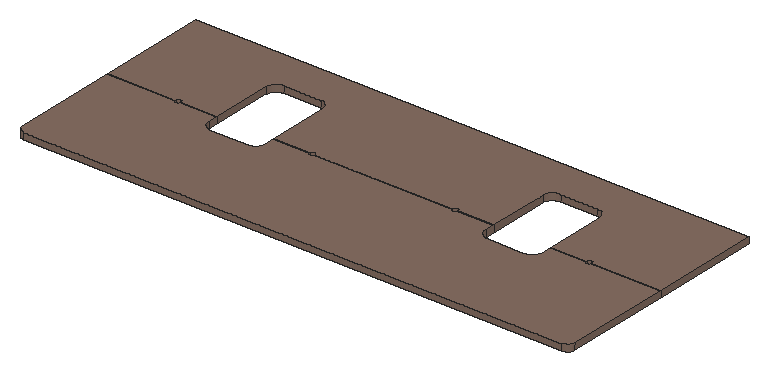
Revit family "console with 2 cutouts for bowl with tap hole", category Furniture, Revit 2019 (continued)
Definition of nested family "console 1560_550 with 2 cutouts for bowl with tap hole-54126230-natural_oak-200_content"
  Parameters (values of type "Console 1560_550 with 2 cutouts for bowl with tap hole-54126230-NATURAL_OAK-200_Content")
    BIMOBJECT = "Sanitary: Compound units"
    BASENUMBER = "Console 1560/550 with 2 cutouts for bowl with tap hole"
    ARTNR = "54126230"
  Reference planes
    plane 1 "Center (Front/Back)": y = 0
    plane 2: z = 0
    plane 3 "Center (Left/Right)": x = 0
  Forms (mm)
    Extrusion 1, solid, visible <- "ContentVisible", detail levels medium+fine
      sketch origin (0, 0, 0.5) x (1, 0, 0) y (0, 1, 0)
        loop
          line (-780, 0) -> (-780, -550) -> (780, -550) -> (780, 0) -> (-780, 0)
      from 0 to 15
    Extrusion 2, solid, visible <- "ContentVisible", detail levels medium+fine
      sketch origin (0, 0, 0) x (1, 0, 0) y (0, 1, 0)
        loop
          line (320, -120.5) -> (320, -295.5)
          arc (320, -295.5) -> (327.322, -313.178) -> (345, -320.5) r 25
          line (345, -320.5) -> (435, -320.5)
          arc (435, -320.5) -> (452.678, -313.178) -> (460, -295.5) r 25
          line (460, -295.5) -> (460, -120.5)
          arc (460, -120.5) -> (452.678, -102.822) -> (435, -95.5) r 25
          line (435, -95.5) -> (345, -95.5)
          arc (345, -95.5) -> (327.322, -102.822) -> (320, -120.5) r 25
      from 0 to 16
    Extrusion 3, solid, visible <- "ContentVisible", detail levels medium+fine
      sketch origin (0, 0, 0) x (1, 0, 0) y (0, 1, 0)
        loop
          line (-460, -120.5) -> (-460, -295.5)
          arc (-460, -295.5) -> (-452.678, -313.178) -> (-435, -320.5) r 25
          line (-435, -320.5) -> (-345, -320.5)
          arc (-345, -320.5) -> (-327.322, -313.178) -> (-320, -295.5) r 25
          line (-320, -295.5) -> (-320, -120.5)
          arc (-320, -120.5) -> (-327.322, -102.822) -> (-345, -95.5) r 25
          line (-345, -95.5) -> (-435, -95.5)
          arc (-435, -95.5) -> (-452.678, -102.822) -> (-460, -120.5) r 25
      from 0 to 16
    Extrusion 4, solid, visible <- "ContentVisible", detail levels coarse
      sketch origin (0, -275, 0) x (1, 0, 0) y (0, 1, 0)
        loop
          line (-780, -275) -> (780, -275) -> (780, 275) -> (-780, 275) -> (-780, -275)
      from 0 to 16
  Dimensions and locks
    aligned and locked: level to plane 2
Definition of nested family "console 1560_550 with 2 cutouts for bowl with tap hole-54126230-natural_oak-400_content"
  Parameters (values of type "Console 1560_550 with 2 cutouts for bowl with tap hole-54126230-NATURAL_OAK-400_Content")
    WEIGHT = "13.3"
    UNSPSC = "56 | Furniture and Furnishings"
    UNIFORMATII = "E2010 | Fixed Furnishings"
    UNICLASS2015 = "Pr_40_20_76_94 | Vanity units"
    SURFACE = "NATURAL_OAK"
    SPECIFICATION = "Surfaces:    - 54126050 High Gloss White  - 54126910 Diamond Matt Grey  - 54126230 Natural Oak  - 54126630 Dark Walnut      Specification:"
    REGIONSET = "Worldwide"
    PRODUCTURL = "https://pro.hansgrohe.com/articledetail--54126050"
    PRODUCTGROUP = "console"
    PRODUCTFAMILY = "Xelu Q"
    PERMALINK = "54126XXX"
    OMNICLASS = "23-19 31 17 11 | Bathroom Units"
    OBJECTTYPE = "Object (single object)"
    NN = "Console with 2 cutouts for bowl with tap hole"
    NBSYN = "$BASENUMBER.-$ARTNR.-$SURFACE.-$LODLEVEL."
    NB = "Console 1560/550 with 2 cutouts for bowl with tap hole-54126230-NATURAL_OAK-400"
    NAME = "Xelu Q Console 1560/550 with 2 cutouts for bowl with tap hole"
    Model = "Console 1560/550 with 2 cutouts for bowl with tap hole-54126230-NATURAL_OAK-400"
    Manufacturer = "Hansgrohe"
    MASTERFORMAT = "12 35 30.23 | Bathroom Casework"
    LODLEVEL = "400"
    LL = 320
    LINA = "Console 1560/550 with 2 cutouts for bowl with tap hole-54126230-NATURAL_OAK-400"
    L1 = 140
    L = 1560
    IFC = "Furnishing element"
    GTINCODE = "4059625458211"
    ETIM = "EC011381 | Bathroom furniture set"
    Default Elevation = 1219.2 mm
    DESIGN = "Germany"
    ContentVisible [instance] = yes
    CATALOG = "Hansgrohe"
    BIMOBJECT = "Sanitary: Compound units"
    BASENUMBER = "Console 1560/550 with 2 cutouts for bowl with tap hole"
    ARTNR = "54126230"
  Reference planes
    plane 1 "Center (Front/Back)": y = 0
    plane 2: z = 0
    plane 3 "Center (Left/Right)": x = 0
  Forms (mm)
    Extrusion 1, solid, visible <- "ContentVisible", detail levels medium+fine
      sketch origin (0, 0, 0) x (1, 0, 0) y (0, 1, 0)
        loop
          line (-780, 0) -> (-780, -270.5) -> (-512, -270.5)
          arc (-512, -270.5) -> (-505, -263.5) -> (-498, -270.5) r 7
          line (-498, -270.5) -> (-460, -270.5) -> (-460, -120.5)
          arc (-460, -120.5) -> (-452.678, -102.822) -> (-435, -95.5) r 25
          line (-435, -95.5) -> (-345, -95.5)
          arc (-345, -95.5) -> (-327.322, -102.822) -> (-320, -120.5) r 25
          line (-320, -120.5) -> (-320, -270.5) -> (-182, -270.5)
          arc (-182, -270.5) -> (-175, -263.5) -> (-168, -270.5) r 7
          line (-168, -270.5) -> (168, -270.5)
          arc (168, -270.5) -> (175, -263.5) -> (182, -270.5) r 7
          line (182, -270.5) -> (320, -270.5) -> (320, -120.5)
          arc (320, -120.5) -> (327.322, -102.822) -> (345, -95.5) r 25
          line (345, -95.5) -> (435, -95.5)
          arc (435, -95.5) -> (452.678, -102.822) -> (460, -120.5) r 25
          line (460, -120.5) -> (460, -270.5) -> (498, -270.5)
          arc (498, -270.5) -> (505, -263.5) -> (512, -270.5) r 7
          line (512, -270.5) -> (780, -270.5) -> (780, 0) -> (-780, 0)
      from 0 to 16
    Extrusion 2, solid, visible <- "ContentVisible", detail levels medium+fine
      sketch origin (0, 0, 0) x (1, 0, 0) y (0, 1, 0)
        loop
          line (-780, -270.5) -> (-780, -532)
          arc (-780, -532) -> (-774.728, -544.728) -> (-762, -550) r 18
          line (-762, -550) -> (762, -550)
          arc (762, -550) -> (774.728, -544.728) -> (780, -532) r 18
          line (780, -532) -> (780, -270.5) -> (512, -270.5)
          arc (512, -270.5) -> (505, -277.5) -> (498, -270.5) r 7
          line (498, -270.5) -> (460, -270.5) -> (460, -295.5)
          arc (460, -295.5) -> (452.678, -313.178) -> (435, -320.5) r 25
          line (435, -320.5) -> (345, -320.5)
          arc (345, -320.5) -> (327.322, -313.178) -> (320, -295.5) r 25
          line (320, -295.5) -> (320, -270.5) -> (182, -270.5)
          arc (182, -270.5) -> (175, -277.5) -> (168, -270.5) r 7
          line (168, -270.5) -> (-168, -270.5)
          arc (-168, -270.5) -> (-175, -277.5) -> (-182, -270.5) r 7
          line (-182, -270.5) -> (-320, -270.5) -> (-320, -295.5)
          arc (-320, -295.5) -> (-327.322, -313.178) -> (-345, -320.5) r 25
          line (-345, -320.5) -> (-435, -320.5)
          arc (-435, -320.5) -> (-452.678, -313.178) -> (-460, -295.5) r 25
          line (-460, -295.5) -> (-460, -270.5) -> (-498, -270.5)
          arc (-498, -270.5) -> (-505, -277.5) -> (-512, -270.5) r 7
          line (-512, -270.5) -> (-780, -270.5)
      from 0 to 16
    Extrusion 3, solid, visible <- "ContentVisible", detail levels coarse
      sketch origin (0, -275, 0) x (1, 0, 0) y (0, 1, 0)
        loop
          line (-780, -275) -> (780, -275) -> (780, 275) -> (-780, 275) -> (-780, -275)
      from 0 to 16
  Dimensions and locks
    aligned and locked: level to plane 2
Definition of nested family "console 1560_550 with 2 cutouts for bowl with tap hole-54126630-dark_walnut-200_content"
  Parameters (values of type "Console 1560_550 with 2 cutouts for bowl with tap hole-54126630-DARK_WALNUT-200_Content")
    WEIGHT = "13.3"
    UNSPSC = "56 | Furniture and Furnishings"
    UNIFORMATII = "E2010 | Fixed Furnishings"
    UNICLASS2015 = "Pr_40_20_76_94 | Vanity units"
    SURFACE = "DARK_WALNUT"
    SPECIFICATION = "Surfaces:    - 54126050 High Gloss White  - 54126910 Diamond Matt Grey  - 54126230 Natural Oak  - 54126630 Dark Walnut      Specification:"
    REGIONSET = "Worldwide"
    PRODUCTURL = "https://pro.hansgrohe.com/articledetail--54126050"
    PRODUCTGROUP = "console"
    PRODUCTFAMILY = "Xelu Q"
    PERMALINK = "54126XXX"
    OMNICLASS = "23-19 31 17 11 | Bathroom Units"
    OBJECTTYPE = "Object (single object)"
    NN = "Console with 2 cutouts for bowl with tap hole"
    NBSYN = "$BASENUMBER.-$ARTNR.-$SURFACE.-$LODLEVEL."
    NB = "Console 1560/550 with 2 cutouts for bowl with tap hole-54126630-DARK_WALNUT-200"
    NAME = "Xelu Q Console 1560/550 with 2 cutouts for bowl with tap hole"
    Model = "Console 1560/550 with 2 cutouts for bowl with tap hole-54126630-DARK_WALNUT-200"
    Manufacturer = "Hansgrohe"
    MASTERFORMAT = "12 35 30.23 | Bathroom Casework"
    LODLEVEL = "200"
    LL = 320
    LINA = "Console 1560/550 with 2 cutouts for bowl with tap hole-54126630-DARK_WALNUT-200"
    L1 = 140
    L = 1560
    IFC = "Furnishing element"
    GTINCODE = "4059625458211"
    ETIM = "EC011381 | Bathroom furniture set"
    Default Elevation = 1219.2 mm
    DESIGN = "Germany"
    ContentVisible [instance] = yes
    CATALOG = "Hansgrohe"
    BIMOBJECT = "Sanitary: Compound units"
    BASENUMBER = "Console 1560/550 with 2 cutouts for bowl with tap hole"
    ARTNR = "54126630"
  Reference planes
    plane 1 "Center (Front/Back)": y = 0
    plane 2: z = 0
    plane 3 "Center (Left/Right)": x = 0
  Forms (mm)
    Extrusion 1, solid, visible <- "ContentVisible", detail levels medium+fine
      sketch origin (0, 0, 0.5) x (1, 0, 0) y (0, 1, 0)
        loop
          line (-780, 0) -> (-780, -550) -> (780, -550) -> (780, 0) -> (-780, 0)
      from 0 to 15
    Extrusion 2, solid, visible <- "ContentVisible", detail levels medium+fine
      sketch origin (0, 0, 0) x (1, 0, 0) y (0, 1, 0)
        loop
          line (320, -120.5) -> (320, -295.5)
          arc (320, -295.5) -> (327.322, -313.178) -> (345, -320.5) r 25
          line (345, -320.5) -> (435, -320.5)
          arc (435, -320.5) -> (452.678, -313.178) -> (460, -295.5) r 25
          line (460, -295.5) -> (460, -120.5)
          arc (460, -120.5) -> (452.678, -102.822) -> (435, -95.5) r 25
          line (435, -95.5) -> (345, -95.5)
          arc (345, -95.5) -> (327.322, -102.822) -> (320, -120.5) r 25
      from 0 to 16
    Extrusion 3, solid, visible <- "ContentVisible", detail levels medium+fine
      sketch origin (0, 0, 0) x (1, 0, 0) y (0, 1, 0)
        loop
          line (-460, -120.5) -> (-460, -295.5)
          arc (-460, -295.5) -> (-452.678, -313.178) -> (-435, -320.5) r 25
          line (-435, -320.5) -> (-345, -320.5)
          arc (-345, -320.5) -> (-327.322, -313.178) -> (-320, -295.5) r 25
          line (-320, -295.5) -> (-320, -120.5)
          arc (-320, -120.5) -> (-327.322, -102.822) -> (-345, -95.5) r 25
          line (-345, -95.5) -> (-435, -95.5)
          arc (-435, -95.5) -> (-452.678, -102.822) -> (-460, -120.5) r 25
      from 0 to 16
    Extrusion 4, solid, visible <- "ContentVisible", detail levels coarse
      sketch origin (0, -275, 0) x (1, 0, 0) y (0, 1, 0)
        loop
          line (-780, -275) -> (780, -275) -> (780, 275) -> (-780, 275) -> (-780, -275)
      from 0 to 16
  Dimensions and locks
    aligned and locked: level to plane 2
Definition of nested family "console 1560_550 with 2 cutouts for bowl with tap hole-54126630-dark_walnut-400_content"
  Parameters (values of type "Console 1560_550 with 2 cutouts for bowl with tap hole-54126630-DARK_WALNUT-400_Content")
    WEIGHT = "13.3"
    UNSPSC = "56 | Furniture and Furnishings"
    UNIFORMATII = "E2010 | Fixed Furnishings"
    UNICLASS2015 = "Pr_40_20_76_94 | Vanity units"
    SURFACE = "DARK_WALNUT"
    SPECIFICATION = "Surfaces:    - 54126050 High Gloss White  - 54126910 Diamond Matt Grey  - 54126230 Natural Oak  - 54126630 Dark Walnut      Specification:"
    REGIONSET = "Worldwide"
    PRODUCTURL = "https://pro.hansgrohe.com/articledetail--54126050"
    PRODUCTGROUP = "console"
    PRODUCTFAMILY = "Xelu Q"
    PERMALINK = "54126XXX"
    OMNICLASS = "23-19 31 17 11 | Bathroom Units"
    OBJECTTYPE = "Object (single object)"
    NN = "Console with 2 cutouts for bowl with tap hole"
    NBSYN = "$BASENUMBER.-$ARTNR.-$SURFACE.-$LODLEVEL."
    NB = "Console 1560/550 with 2 cutouts for bowl with tap hole-54126630-DARK_WALNUT-400"
    NAME = "Xelu Q Console 1560/550 with 2 cutouts for bowl with tap hole"
    Model = "Console 1560/550 with 2 cutouts for bowl with tap hole-54126630-DARK_WALNUT-400"
    Manufacturer = "Hansgrohe"
    MASTERFORMAT = "12 35 30.23 | Bathroom Casework"
    LODLEVEL = "400"
    LL = 320
    LINA = "Console 1560/550 with 2 cutouts for bowl with tap hole-54126630-DARK_WALNUT-400"
    L1 = 140
    L = 1560
    IFC = "Furnishing element"
    GTINCODE = "4059625458211"
    ETIM = "EC011381 | Bathroom furniture set"
    Default Elevation = 1219.2 mm
    DESIGN = "Germany"
    ContentVisible [instance] = yes
    CATALOG = "Hansgrohe"
    BIMOBJECT = "Sanitary: Compound units"
    BASENUMBER = "Console 1560/550 with 2 cutouts for bowl with tap hole"
    ARTNR = "54126630"
  Reference planes
    plane 1 "Center (Front/Back)": y = 0
    plane 2: z = 0
    plane 3 "Center (Left/Right)": x = 0
  Forms (mm)
    Extrusion 1, solid, visible <- "ContentVisible", detail levels medium+fine
      sketch origin (0, 0, 0) x (1, 0, 0) y (0, 1, 0)
        loop
          line (-780, 0) -> (-780, -270.5) -> (-512, -270.5)
          arc (-512, -270.5) -> (-505, -263.5) -> (-498, -270.5) r 7
          line (-498, -270.5) -> (-460, -270.5) -> (-460, -120.5)
          arc (-460, -120.5) -> (-452.678, -102.822) -> (-435, -95.5) r 25
          line (-435, -95.5) -> (-345, -95.5)
          arc (-345, -95.5) -> (-327.322, -102.822) -> (-320, -120.5) r 25
          line (-320, -120.5) -> (-320, -270.5) -> (-182, -270.5)
          arc (-182, -270.5) -> (-175, -263.5) -> (-168, -270.5) r 7
          line (-168, -270.5) -> (168, -270.5)
          arc (168, -270.5) -> (175, -263.5) -> (182, -270.5) r 7
          line (182, -270.5) -> (320, -270.5) -> (320, -120.5)
          arc (320, -120.5) -> (327.322, -102.822) -> (345, -95.5) r 25
          line (345, -95.5) -> (435, -95.5)
          arc (435, -95.5) -> (452.678, -102.822) -> (460, -120.5) r 25
          line (460, -120.5) -> (460, -270.5) -> (498, -270.5)
          arc (498, -270.5) -> (505, -263.5) -> (512, -270.5) r 7
          line (512, -270.5) -> (780, -270.5) -> (780, 0) -> (-780, 0)
      from 0 to 16
    Extrusion 2, solid, visible <- "ContentVisible", detail levels medium+fine
      sketch origin (0, 0, 0) x (1, 0, 0) y (0, 1, 0)
        loop
          line (-780, -270.5) -> (-780, -532)
          arc (-780, -532) -> (-774.728, -544.728) -> (-762, -550) r 18
          line (-762, -550) -> (762, -550)
          arc (762, -550) -> (774.728, -544.728) -> (780, -532) r 18
          line (780, -532) -> (780, -270.5) -> (512, -270.5)
          arc (512, -270.5) -> (505, -277.5) -> (498, -270.5) r 7
          line (498, -270.5) -> (460, -270.5) -> (460, -295.5)
          arc (460, -295.5) -> (452.678, -313.178) -> (435, -320.5) r 25
          line (435, -320.5) -> (345, -320.5)
          arc (345, -320.5) -> (327.322, -313.178) -> (320, -295.5) r 25
          line (320, -295.5) -> (320, -270.5) -> (182, -270.5)
          arc (182, -270.5) -> (175, -277.5) -> (168, -270.5) r 7
          line (168, -270.5) -> (-168, -270.5)
          arc (-168, -270.5) -> (-175, -277.5) -> (-182, -270.5) r 7
          line (-182, -270.5) -> (-320, -270.5) -> (-320, -295.5)
          arc (-320, -295.5) -> (-327.322, -313.178) -> (-345, -320.5) r 25
          line (-345, -320.5) -> (-435, -320.5)
          arc (-435, -320.5) -> (-452.678, -313.178) -> (-460, -295.5) r 25
          line (-460, -295.5) -> (-460, -270.5) -> (-498, -270.5)
          arc (-498, -270.5) -> (-505, -277.5) -> (-512, -270.5) r 7
          line (-512, -270.5) -> (-780, -270.5)
      from 0 to 16
    Extrusion 3, solid, visible <- "ContentVisible", detail levels coarse
      sketch origin (0, -275, 0) x (1, 0, 0) y (0, 1, 0)
        loop
          line (-780, -275) -> (780, -275) -> (780, 275) -> (-780, 275) -> (-780, -275)
      from 0 to 16
  Dimensions and locks
    aligned and locked: level to plane 2
Definition of nested family "console 1560_550 with 2 cutouts for bowl with tap hole-54126910-diamond_grey-200_content"
  Parameters (values of type "Console 1560_550 with 2 cutouts for bowl with tap hole-54126910-DIAMOND_GREY-200_Content")
    WEIGHT = "13.3"
    UNSPSC = "56 | Furniture and Furnishings"
    UNIFORMATII = "E2010 | Fixed Furnishings"
    UNICLASS2015 = "Pr_40_20_76_94 | Vanity units"
    SURFACE = "DIAMOND_GREY"
    SPECIFICATION = "Surfaces:    - 54126050 High Gloss White  - 54126910 Diamond Matt Grey  - 54126230 Natural Oak  - 54126630 Dark Walnut      Specification:"
    REGIONSET = "Worldwide"
    PRODUCTURL = "https://pro.hansgrohe.com/articledetail--54126050"
    PRODUCTGROUP = "console"
    PRODUCTFAMILY = "Xelu Q"
    PERMALINK = "54126XXX"
    OMNICLASS = "23-19 31 17 11 | Bathroom Units"
    OBJECTTYPE = "Object (single object)"
    NN = "Console with 2 cutouts for bowl with tap hole"
    NBSYN = "$BASENUMBER.-$ARTNR.-$SURFACE.-$LODLEVEL."
    NB = "Console 1560/550 with 2 cutouts for bowl with tap hole-54126910-DIAMOND_GREY-200"
    NAME = "Xelu Q Console 1560/550 with 2 cutouts for bowl with tap hole"
    Model = "Console 1560/550 with 2 cutouts for bowl with tap hole-54126910-DIAMOND_GREY-200"
    Manufacturer = "Hansgrohe"
    MASTERFORMAT = "12 35 30.23 | Bathroom Casework"
    LODLEVEL = "200"
    LL = 320
    LINA = "Console 1560/550 with 2 cutouts for bowl with tap hole-54126910-DIAMOND_GREY-200"
    L1 = 140
    L = 1560
    IFC = "Furnishing element"
    GTINCODE = "4059625458211"
    ETIM = "EC011381 | Bathroom furniture set"
    Default Elevation = 1219.2 mm
    DESIGN = "Germany"
    ContentVisible [instance] = yes
    CATALOG = "Hansgrohe"
    BIMOBJECT = "Sanitary: Compound units"
    BASENUMBER = "Console 1560/550 with 2 cutouts for bowl with tap hole"
    ARTNR = "54126910"
  Reference planes
    plane 1 "Center (Front/Back)": y = 0
    plane 2: z = 0
    plane 3 "Center (Left/Right)": x = 0
  Forms (mm)
    Extrusion 1, solid, visible <- "ContentVisible", detail levels medium+fine
      sketch origin (0, 0, 0.5) x (1, 0, 0) y (0, 1, 0)
        loop
          line (-780, 0) -> (-780, -550) -> (780, -550) -> (780, 0) -> (-780, 0)
      from 0 to 15
    Extrusion 2, solid, visible <- "ContentVisible", detail levels medium+fine
      sketch origin (0, 0, 0) x (1, 0, 0) y (0, 1, 0)
        loop
          line (320, -120.5) -> (320, -295.5)
          arc (320, -295.5) -> (327.322, -313.178) -> (345, -320.5) r 25
          line (345, -320.5) -> (435, -320.5)
          arc (435, -320.5) -> (452.678, -313.178) -> (460, -295.5) r 25
          line (460, -295.5) -> (460, -120.5)
          arc (460, -120.5) -> (452.678, -102.822) -> (435, -95.5) r 25
          line (435, -95.5) -> (345, -95.5)
          arc (345, -95.5) -> (327.322, -102.822) -> (320, -120.5) r 25
      from 0 to 16
    Extrusion 3, solid, visible <- "ContentVisible", detail levels medium+fine
      sketch origin (0, 0, 0) x (1, 0, 0) y (0, 1, 0)
        loop
          line (-460, -120.5) -> (-460, -295.5)
          arc (-460, -295.5) -> (-452.678, -313.178) -> (-435, -320.5) r 25
          line (-435, -320.5) -> (-345, -320.5)
          arc (-345, -320.5) -> (-327.322, -313.178) -> (-320, -295.5) r 25
          line (-320, -295.5) -> (-320, -120.5)
          arc (-320, -120.5) -> (-327.322, -102.822) -> (-345, -95.5) r 25
          line (-345, -95.5) -> (-435, -95.5)
          arc (-435, -95.5) -> (-452.678, -102.822) -> (-460, -120.5) r 25
      from 0 to 16
    Extrusion 4, solid, visible <- "ContentVisible", detail levels coarse
      sketch origin (0, -275, 0) x (1, 0, 0) y (0, 1, 0)
        loop
          line (-780, -275) -> (780, -275) -> (780, 275) -> (-780, 275) -> (-780, -275)
      from 0 to 16
  Dimensions and locks
    aligned and locked: level to plane 2
Definition of nested family "console 1560_550 with 2 cutouts for bowl with tap hole-54126910-diamond_grey-400_content"
  Parameters (values of type "Console 1560_550 with 2 cutouts for bowl with tap hole-54126910-DIAMOND_GREY-400_Content")
    WEIGHT = "13.3"
    UNSPSC = "56 | Furniture and Furnishings"
    UNIFORMATII = "E2010 | Fixed Furnishings"
    UNICLASS2015 = "Pr_40_20_76_94 | Vanity units"
    SURFACE = "DIAMOND_GREY"
    SPECIFICATION = "Surfaces:    - 54126050 High Gloss White  - 54126910 Diamond Matt Grey  - 54126230 Natural Oak  - 54126630 Dark Walnut      Specification:"
    REGIONSET = "Worldwide"
    PRODUCTURL = "https://pro.hansgrohe.com/articledetail--54126050"
    PRODUCTGROUP = "console"
    PRODUCTFAMILY = "Xelu Q"
    PERMALINK = "54126XXX"
    OMNICLASS = "23-19 31 17 11 | Bathroom Units"
    OBJECTTYPE = "Object (single object)"
    NN = "Console with 2 cutouts for bowl with tap hole"
    NBSYN = "$BASENUMBER.-$ARTNR.-$SURFACE.-$LODLEVEL."
    NB = "Console 1560/550 with 2 cutouts for bowl with tap hole-54126910-DIAMOND_GREY-400"
    NAME = "Xelu Q Console 1560/550 with 2 cutouts for bowl with tap hole"
    Model = "Console 1560/550 with 2 cutouts for bowl with tap hole-54126910-DIAMOND_GREY-400"
    Manufacturer = "Hansgrohe"
    MASTERFORMAT = "12 35 30.23 | Bathroom Casework"
    LODLEVEL = "400"
    LL = 320
    LINA = "Console 1560/550 with 2 cutouts for bowl with tap hole-54126910-DIAMOND_GREY-400"
    L1 = 140
    L = 1560
    IFC = "Furnishing element"
    GTINCODE = "4059625458211"
    ETIM = "EC011381 | Bathroom furniture set"
    Default Elevation = 1219.2 mm
    DESIGN = "Germany"
    ContentVisible [instance] = yes
    CATALOG = "Hansgrohe"
    BIMOBJECT = "Sanitary: Compound units"
    BASENUMBER = "Console 1560/550 with 2 cutouts for bowl with tap hole"
    ARTNR = "54126910"
  Reference planes
    plane 1 "Center (Front/Back)": y = 0
    plane 2: z = 0
    plane 3 "Center (Left/Right)": x = 0
  Forms (mm)
    Extrusion 1, solid, visible <- "ContentVisible", detail levels medium+fine
      sketch origin (0, 0, 0) x (1, 0, 0) y (0, 1, 0)
        loop
          line (-780, 0) -> (-780, -270.5) -> (-512, -270.5)
          arc (-512, -270.5) -> (-505, -263.5) -> (-498, -270.5) r 7
          line (-498, -270.5) -> (-460, -270.5) -> (-460, -120.5)
          arc (-460, -120.5) -> (-452.678, -102.822) -> (-435, -95.5) r 25
          line (-435, -95.5) -> (-345, -95.5)
          arc (-345, -95.5) -> (-327.322, -102.822) -> (-320, -120.5) r 25
          line (-320, -120.5) -> (-320, -270.5) -> (-182, -270.5)
          arc (-182, -270.5) -> (-175, -263.5) -> (-168, -270.5) r 7
          line (-168, -270.5) -> (168, -270.5)
          arc (168, -270.5) -> (175, -263.5) -> (182, -270.5) r 7
          line (182, -270.5) -> (320, -270.5) -> (320, -120.5)
          arc (320, -120.5) -> (327.322, -102.822) -> (345, -95.5) r 25
          line (345, -95.5) -> (435, -95.5)
          arc (435, -95.5) -> (452.678, -102.822) -> (460, -120.5) r 25
          line (460, -120.5) -> (460, -270.5) -> (498, -270.5)
          arc (498, -270.5) -> (505, -263.5) -> (512, -270.5) r 7
          line (512, -270.5) -> (780, -270.5) -> (780, 0) -> (-780, 0)
      from 0 to 16
    Extrusion 2, solid, visible <- "ContentVisible", detail levels medium+fine
      sketch origin (0, 0, 0) x (1, 0, 0) y (0, 1, 0)
        loop
          line (-780, -270.5) -> (-780, -532)
          arc (-780, -532) -> (-774.728, -544.728) -> (-762, -550) r 18
          line (-762, -550) -> (762, -550)
          arc (762, -550) -> (774.728, -544.728) -> (780, -532) r 18
          line (780, -532) -> (780, -270.5) -> (512, -270.5)
          arc (512, -270.5) -> (505, -277.5) -> (498, -270.5) r 7
          line (498, -270.5) -> (460, -270.5) -> (460, -295.5)
          arc (460, -295.5) -> (452.678, -313.178) -> (435, -320.5) r 25
          line (435, -320.5) -> (345, -320.5)
          arc (345, -320.5) -> (327.322, -313.178) -> (320, -295.5) r 25
          line (320, -295.5) -> (320, -270.5) -> (182, -270.5)
          arc (182, -270.5) -> (175, -277.5) -> (168, -270.5) r 7
          line (168, -270.5) -> (-168, -270.5)
          arc (-168, -270.5) -> (-175, -277.5) -> (-182, -270.5) r 7
          line (-182, -270.5) -> (-320, -270.5) -> (-320, -295.5)
          arc (-320, -295.5) -> (-327.322, -313.178) -> (-345, -320.5) r 25
          line (-345, -320.5) -> (-435, -320.5)
          arc (-435, -320.5) -> (-452.678, -313.178) -> (-460, -295.5) r 25
          line (-460, -295.5) -> (-460, -270.5) -> (-498, -270.5)
          arc (-498, -270.5) -> (-505, -277.5) -> (-512, -270.5) r 7
          line (-512, -270.5) -> (-780, -270.5)
      from 0 to 16
    Extrusion 3, solid, visible <- "ContentVisible", detail levels coarse
      sketch origin (0, -275, 0) x (1, 0, 0) y (0, 1, 0)
        loop
          line (-780, -275) -> (780, -275) -> (780, 275) -> (-780, 275) -> (-780, -275)
      from 0 to 16
  Dimensions and locks
    aligned and locked: level to plane 2
Types (16, lengths in mm): name | WEIGHT | SURFACE | SPECIFICATION | PRODUCTURL | PERMALINK | NB | NAME | Model | MIdent | LODLEVEL | LL | LINA | L | GTINCODE | Console 1560_550 with 2 cutouts for bowl with tap hole-54126910-DIAMOND_GREY-400_RX0RY0RZ0TX0TY0TZ0_V | Console 1560_550 with 2 cutouts for bowl with tap hole-54126910-DIAMOND_GREY-200_RX0RY0RZ0TX0TY0TZ0_V | Console 1560_550 with 2 cutouts for bowl with tap hole-54126630-DARK_WALNUT-400_RX0RY0RZ0TX0TY0TZ0_V | Console 1560_550 with 2 cutouts for bowl with tap hole-54126630-DARK_WALNUT-200_RX0RY0RZ0TX0TY0TZ0_V | Console 1560_550 with 2 cutouts for bowl with tap hole-54126230-NATURAL_OAK-400_RX0RY0RZ0TX0TY0TZ0_V | Console 1560_550 with 2 cutouts for bowl with tap hole-54126230-NATURAL_OAK-200_RX0RY0RZ0TX0TY0TZ0_V | Console 1560_550 with 2 cutouts for bowl with tap hole-54126050-GLOSSY_WHITE-400_RX0RY0RZ0TX0TY0TZ0_V | Console 1560_550 with 2 cutouts for bowl with tap hole-54126050-GLOSSY_WHITE-200_RX0RY0RZ0TX0TY0TZ0_V | Console 1360_550 with 2 cutouts for bowl with tap hole-54125910-DIAMOND_GREY-400_RX0RY0RZ0TX0TY0TZ0_V | Console 1360_550 with 2 cutouts for bowl with tap hole-54125910-DIAMOND_GREY-200_RX0RY0RZ0TX0TY0TZ0_V | Console 1360_550 with 2 cutouts for bowl with tap hole-54125630-DARK_WALNUT-400_RX0RY0RZ0TX0TY0TZ0_V | Console 1360_550 with 2 cutouts for bowl with tap hole-54125630-DARK_WALNUT-200_RX0RY0RZ0TX0TY0TZ0_V | Console 1360_550 with 2 cutouts for bowl with tap hole-54125230-NATURAL_OAK-400_RX0RY0RZ0TX0TY0TZ0_V | Console 1360_550 with 2 cutouts for bowl with tap hole-54125230-NATURAL_OAK-200_RX0RY0RZ0TX0TY0TZ0_V | Console 1360_550 with 2 cutouts for bowl with tap hole-54125050-GLOSSY_WHITE-400_RX0RY0RZ0TX0TY0TZ0_V | Console 1360_550 with 2 cutouts for bowl with tap hole-54125050-GLOSSY_WHITE-200_RX0RY0RZ0TX0TY0TZ0_V | BASENUMBER | ARTNR
  Console 1360_550 with 2 cutouts for bowl with tap hole-54125050-GLOSSY_WHITE-200 | "12" | "GLOSSY_WHITE" | "Surfaces:    - 54125050 High Gloss White  - 54125910 Diamond Matt Grey  - 54125230 Natural Oak  - 54125630 Dark Walnut     Specification:" | "https://pro.hansgrohe.com/articledetail--54125050" | "54125XXX" | "Console 1360/550 with 2 cutouts for bowl with tap hole-54125050-GLOSSY_WHITE-200" | "Xelu Q Console 1360/550 with 2 cutouts for bowl with tap hole" | "Console 1360/550 with 2 cutouts for bowl with tap hole-54125050-GLOSSY_WHITE-200" | "{$CADENAS_DATA/23d-libs/hansgrohe/xelu_furniture/console_with_cutout_for_bowl_with_tap_hole/console_with_2_cutouts_for_bowl_with_taphole.prj},347 {VTYP=3D},{NB=Console 1360/550 with 2 cutouts for bowl with tap hole-54125050-GLOSSY_WHITE-200},{LINA=Console 1360/550 with 2 cutouts for bowl with tap hole-54125050-GLOSSY_WHITE-200},{NN=Console with 2 cutouts for bowl with tap hole},{DATE=10.03.2023 08:03:43},{GEOMDATE=08.03.2023 13:05:50},{VERSION=},{LINEID=30},{WBVAR=LODLEVEL},{WBNUMERIC=}  {NB=Console 1360/550 with 2 cutouts for bowl with tap hole-54125050-GLOSSY_WHITE-200},{LINA=Console 1360/550 with 2 cutouts for bowl with tap hole-54125050-GLOSSY_WHITE-200},{KT=DUMMY},{IDNR=3},{ARTNR=54125050},{BASENUMBER=Console 1360/550 with 2 cutouts for bowl with tap hole},{MODEL=54125XXX},{SURFACE=GLOSSY_WHITE},{L=1360},{LODLEVEL=200},{LODLEVELX='400','400','200','200'},{L1=140},{LL=270},{NAME=Xelu Q Console 1360/550 with 2 cutouts for bowl with tap hole},{PERMALINK=54125XXX},{OBJECTTYPE=Object (single object)},{BIMOBJECT=Sanitary: Compound units},{PRODUCTFAMILY=Xelu Q},{PRODUCTGROUP=console},{WEIGHT=12},{DESCRIPTION=Xelu Q Console 1360/550 with 2 cutouts for bowl with tap hole},{SPECIFICATION=Surfaces:    - 54125050 High Gloss White  - 54125910 Diamond Matt Grey  - 54125230 Natural Oak  - 54125630 Dark Walnut     Specification:},{PRODUCTURL=https://pro.hansgrohe.com/articledetail--54125050},{GTINCODE=4059625457856},{TENDERURL=},{IFC=Furnishing element},{ETIM=EC011381 | Bathroom furniture set},{UNICLASS2015=Pr_40_20_76_94 | Vanity units},{OMNICLASS=23-19 31 17 11 | Bathroom Units},{MASTERFORMAT=12 35 30.23 | Bathroom Casework},{UNSPSC=56 | Furniture and Furnishings},{UNIFORMATII=E2010 | Fixed Furnishings},{REGIONSET=Worldwide},{DESIGN=Germany},{MANUFACTURER=Germany}" | "200" | 270 | "Console 1360/550 with 2 cutouts for bowl with tap hole-54125050-GLOSSY_WHITE-200" | 1360 | "4059625457856" | no | no | no | no | no | no | no | no | no | no | no | no | no | no | no | yes | "Console 1360/550 with 2 cutouts for bowl with tap hole" | "54125050"
  Console 1360_550 with 2 cutouts for bowl with tap hole-54125050-GLOSSY_WHITE-400 | "12" | "GLOSSY_WHITE" | "Surfaces:    - 54125050 High Gloss White  - 54125910 Diamond Matt Grey  - 54125230 Natural Oak  - 54125630 Dark Walnut     Specification:" | "https://pro.hansgrohe.com/articledetail--54125050" | "54125XXX" | "Console 1360/550 with 2 cutouts for bowl with tap hole-54125050-GLOSSY_WHITE-400" | "Xelu Q Console 1360/550 with 2 cutouts for bowl with tap hole" | "Console 1360/550 with 2 cutouts for bowl with tap hole-54125050-GLOSSY_WHITE-400" | "{$CADENAS_DATA/23d-libs/hansgrohe/xelu_furniture/console_with_cutout_for_bowl_with_tap_hole/console_with_2_cutouts_for_bowl_with_taphole.prj},347 {VTYP=3D},{NB=Console 1360/550 with 2 cutouts for bowl with tap hole-54125050-GLOSSY_WHITE-400},{LINA=Console 1360/550 with 2 cutouts for bowl with tap hole-54125050-GLOSSY_WHITE-400},{NN=Console with 2 cutouts for bowl with tap hole},{DATE=10.03.2023 08:03:43},{GEOMDATE=08.03.2023 13:05:50},{VERSION=},{LINEID=30},{WBVAR=LODLEVEL},{WBNUMERIC=}  {NB=Console 1360/550 with 2 cutouts for bowl with tap hole-54125050-GLOSSY_WHITE-400},{LINA=Console 1360/550 with 2 cutouts for bowl with tap hole-54125050-GLOSSY_WHITE-400},{KT=DUMMY},{IDNR=3},{ARTNR=54125050},{BASENUMBER=Console 1360/550 with 2 cutouts for bowl with tap hole},{MODEL=54125XXX},{SURFACE=GLOSSY_WHITE},{L=1360},{LODLEVEL=400},{LODLEVELX='400','400','200','200'},{L1=140},{LL=270},{NAME=Xelu Q Console 1360/550 with 2 cutouts for bowl with tap hole},{PERMALINK=54125XXX},{OBJECTTYPE=Object (single object)},{BIMOBJECT=Sanitary: Compound units},{PRODUCTFAMILY=Xelu Q},{PRODUCTGROUP=console},{WEIGHT=12},{DESCRIPTION=Xelu Q Console 1360/550 with 2 cutouts for bowl with tap hole},{SPECIFICATION=Surfaces:    - 54125050 High Gloss White  - 54125910 Diamond Matt Grey  - 54125230 Natural Oak  - 54125630 Dark Walnut     Specification:},{PRODUCTURL=https://pro.hansgrohe.com/articledetail--54125050},{GTINCODE=4059625457856},{TENDERURL=},{IFC=Furnishing element},{ETIM=EC011381 | Bathroom furniture set},{UNICLASS2015=Pr_40_20_76_94 | Vanity units},{OMNICLASS=23-19 31 17 11 | Bathroom Units},{MASTERFORMAT=12 35 30.23 | Bathroom Casework},{UNSPSC=56 | Furniture and Furnishings},{UNIFORMATII=E2010 | Fixed Furnishings},{REGIONSET=Worldwide},{DESIGN=Germany},{MANUFACTURER=Germany}" | "400" | 270 | "Console 1360/550 with 2 cutouts for bowl with tap hole-54125050-GLOSSY_WHITE-400" | 1360 | "4059625457856" | no | no | no | no | no | no | no | no | no | no | no | no | no | no | yes | no | "Console 1360/550 with 2 cutouts for bowl with tap hole" | "54125050"
  Console 1360_550 with 2 cutouts for bowl with tap hole-54125230-NATURAL_OAK-200 | "12" | "NATURAL_OAK" | "Surfaces:    - 54125050 High Gloss White  - 54125910 Diamond Matt Grey  - 54125230 Natural Oak  - 54125630 Dark Walnut     Specification:" | "https://pro.hansgrohe.com/articledetail--54125050" | "54125XXX" | "Console 1360/550 with 2 cutouts for bowl with tap hole-54125230-NATURAL_OAK-200" | "Xelu Q Console 1360/550 with 2 cutouts for bowl with tap hole" | "Console 1360/550 with 2 cutouts for bowl with tap hole-54125230-NATURAL_OAK-200" | "{$CADENAS_DATA/23d-libs/hansgrohe/xelu_furniture/console_with_cutout_for_bowl_with_tap_hole/console_with_2_cutouts_for_bowl_with_taphole.prj},345 {VTYP=3D},{NB=Console 1360/550 with 2 cutouts for bowl with tap hole-54125230-NATURAL_OAK-200},{LINA=Console 1360/550 with 2 cutouts for bowl with tap hole-54125230-NATURAL_OAK-200},{NN=Console with 2 cutouts for bowl with tap hole},{DATE=10.03.2023 08:03:43},{GEOMDATE=08.03.2023 13:05:50},{VERSION=},{LINEID=10},{WBVAR=LODLEVEL},{WBNUMERIC=}  {NB=Console 1360/550 with 2 cutouts for bowl with tap hole-54125230-NATURAL_OAK-200},{LINA=Console 1360/550 with 2 cutouts for bowl with tap hole-54125230-NATURAL_OAK-200},{KT=DUMMY},{IDNR=1},{ARTNR=54125230},{BASENUMBER=Console 1360/550 with 2 cutouts for bowl with tap hole},{MODEL=54125XXX},{SURFACE=NATURAL_OAK},{L=1360},{LODLEVEL=200},{LODLEVELX='400','400','200','200'},{L1=140},{LL=270},{NAME=Xelu Q Console 1360/550 with 2 cutouts for bowl with tap hole},{PERMALINK=54125XXX},{OBJECTTYPE=Object (single object)},{BIMOBJECT=Sanitary: Compound units},{PRODUCTFAMILY=Xelu Q},{PRODUCTGROUP=console},{WEIGHT=12},{DESCRIPTION=Xelu Q Console 1360/550 with 2 cutouts for bowl with tap hole},{SPECIFICATION=Surfaces:    - 54125050 High Gloss White  - 54125910 Diamond Matt Grey  - 54125230 Natural Oak  - 54125630 Dark Walnut     Specification:},{PRODUCTURL=https://pro.hansgrohe.com/articledetail--54125050},{GTINCODE=4059625457856},{TENDERURL=},{IFC=Furnishing element},{ETIM=EC011381 | Bathroom furniture set},{UNICLASS2015=Pr_40_20_76_94 | Vanity units},{OMNICLASS=23-19 31 17 11 | Bathroom Units},{MASTERFORMAT=12 35 30.23 | Bathroom Casework},{UNSPSC=56 | Furniture and Furnishings},{UNIFORMATII=E2010 | Fixed Furnishings},{REGIONSET=Worldwide},{DESIGN=Germany},{MANUFACTURER=Germany}" | "200" | 270 | "Console 1360/550 with 2 cutouts for bowl with tap hole-54125230-NATURAL_OAK-200" | 1360 | "4059625457856" | no | no | no | no | no | no | no | no | no | no | no | no | no | yes | no | no | "Console 1360/550 with 2 cutouts for bowl with tap hole" | "54125230"
  Console 1360_550 with 2 cutouts for bowl with tap hole-54125230-NATURAL_OAK-400 | "12" | "NATURAL_OAK" | "Surfaces:    - 54125050 High Gloss White  - 54125910 Diamond Matt Grey  - 54125230 Natural Oak  - 54125630 Dark Walnut     Specification:" | "https://pro.hansgrohe.com/articledetail--54125050" | "54125XXX" | "Console 1360/550 with 2 cutouts for bowl with tap hole-54125230-NATURAL_OAK-400" | "Xelu Q Console 1360/550 with 2 cutouts for bowl with tap hole" | "Console 1360/550 with 2 cutouts for bowl with tap hole-54125230-NATURAL_OAK-400" | "{$CADENAS_DATA/23d-libs/hansgrohe/xelu_furniture/console_with_cutout_for_bowl_with_tap_hole/console_with_2_cutouts_for_bowl_with_taphole.prj},345 {VTYP=3D},{NB=Console 1360/550 with 2 cutouts for bowl with tap hole-54125230-NATURAL_OAK-400},{LINA=Console 1360/550 with 2 cutouts for bowl with tap hole-54125230-NATURAL_OAK-400},{NN=Console with 2 cutouts for bowl with tap hole},{DATE=10.03.2023 08:03:43},{GEOMDATE=08.03.2023 13:05:50},{VERSION=},{LINEID=10},{WBVAR=LODLEVEL},{WBNUMERIC=}  {NB=Console 1360/550 with 2 cutouts for bowl with tap hole-54125230-NATURAL_OAK-400},{LINA=Console 1360/550 with 2 cutouts for bowl with tap hole-54125230-NATURAL_OAK-400},{KT=DUMMY},{IDNR=1},{ARTNR=54125230},{BASENUMBER=Console 1360/550 with 2 cutouts for bowl with tap hole},{MODEL=54125XXX},{SURFACE=NATURAL_OAK},{L=1360},{LODLEVEL=400},{LODLEVELX='400','400','200','200'},{L1=140},{LL=270},{NAME=Xelu Q Console 1360/550 with 2 cutouts for bowl with tap hole},{PERMALINK=54125XXX},{OBJECTTYPE=Object (single object)},{BIMOBJECT=Sanitary: Compound units},{PRODUCTFAMILY=Xelu Q},{PRODUCTGROUP=console},{WEIGHT=12},{DESCRIPTION=Xelu Q Console 1360/550 with 2 cutouts for bowl with tap hole},{SPECIFICATION=Surfaces:    - 54125050 High Gloss White  - 54125910 Diamond Matt Grey  - 54125230 Natural Oak  - 54125630 Dark Walnut     Specification:},{PRODUCTURL=https://pro.hansgrohe.com/articledetail--54125050},{GTINCODE=4059625457856},{TENDERURL=},{IFC=Furnishing element},{ETIM=EC011381 | Bathroom furniture set},{UNICLASS2015=Pr_40_20_76_94 | Vanity units},{OMNICLASS=23-19 31 17 11 | Bathroom Units},{MASTERFORMAT=12 35 30.23 | Bathroom Casework},{UNSPSC=56 | Furniture and Furnishings},{UNIFORMATII=E2010 | Fixed Furnishings},{REGIONSET=Worldwide},{DESIGN=Germany},{MANUFACTURER=Germany}" | "400" | 270 | "Console 1360/550 with 2 cutouts for bowl with tap hole-54125230-NATURAL_OAK-400" | 1360 | "4059625457856" | no | no | no | no | no | no | no | no | no | no | no | no | yes | no | no | no | "Console 1360/550 with 2 cutouts for bowl with tap hole" | "54125230"
  Console 1360_550 with 2 cutouts for bowl with tap hole-54125630-DARK_WALNUT-200 | "12" | "DARK_WALNUT" | "Surfaces:    - 54125050 High Gloss White  - 54125910 Diamond Matt Grey  - 54125230 Natural Oak  - 54125630 Dark Walnut     Specification:" | "https://pro.hansgrohe.com/articledetail--54125050" | "54125XXX" | "Console 1360/550 with 2 cutouts for bowl with tap hole-54125630-DARK_WALNUT-200" | "Xelu Q Console 1360/550 with 2 cutouts for bowl with tap hole" | "Console 1360/550 with 2 cutouts for bowl with tap hole-54125630-DARK_WALNUT-200" | "{$CADENAS_DATA/23d-libs/hansgrohe/xelu_furniture/console_with_cutout_for_bowl_with_tap_hole/console_with_2_cutouts_for_bowl_with_taphole.prj},345 {VTYP=3D},{NB=Console 1360/550 with 2 cutouts for bowl with tap hole-54125630-DARK_WALNUT-200},{LINA=Console 1360/550 with 2 cutouts for bowl with tap hole-54125630-DARK_WALNUT-200},{NN=Console with 2 cutouts for bowl with tap hole},{DATE=10.03.2023 08:03:43},{GEOMDATE=08.03.2023 13:05:50},{VERSION=},{LINEID=40},{WBVAR=LODLEVEL},{WBNUMERIC=}  {NB=Console 1360/550 with 2 cutouts for bowl with tap hole-54125630-DARK_WALNUT-200},{LINA=Console 1360/550 with 2 cutouts for bowl with tap hole-54125630-DARK_WALNUT-200},{KT=DUMMY},{IDNR=4},{ARTNR=54125630},{BASENUMBER=Console 1360/550 with 2 cutouts for bowl with tap hole},{MODEL=54125XXX},{SURFACE=DARK_WALNUT},{L=1360},{LODLEVEL=200},{LODLEVELX='400','400','200','200'},{L1=140},{LL=270},{NAME=Xelu Q Console 1360/550 with 2 cutouts for bowl with tap hole},{PERMALINK=54125XXX},{OBJECTTYPE=Object (single object)},{BIMOBJECT=Sanitary: Compound units},{PRODUCTFAMILY=Xelu Q},{PRODUCTGROUP=console},{WEIGHT=12},{DESCRIPTION=Xelu Q Console 1360/550 with 2 cutouts for bowl with tap hole},{SPECIFICATION=Surfaces:    - 54125050 High Gloss White  - 54125910 Diamond Matt Grey  - 54125230 Natural Oak  - 54125630 Dark Walnut     Specification:},{PRODUCTURL=https://pro.hansgrohe.com/articledetail--54125050},{GTINCODE=4059625457856},{TENDERURL=},{IFC=Furnishing element},{ETIM=EC011381 | Bathroom furniture set},{UNICLASS2015=Pr_40_20_76_94 | Vanity units},{OMNICLASS=23-19 31 17 11 | Bathroom Units},{MASTERFORMAT=12 35 30.23 | Bathroom Casework},{UNSPSC=56 | Furniture and Furnishings},{UNIFORMATII=E2010 | Fixed Furnishings},{REGIONSET=Worldwide},{DESIGN=Germany},{MANUFACTURER=Germany}" | "200" | 270 | "Console 1360/550 with 2 cutouts for bowl with tap hole-54125630-DARK_WALNUT-200" | 1360 | "4059625457856" | no | no | no | no | no | no | no | no | no | no | no | yes | no | no | no | no | "Console 1360/550 with 2 cutouts for bowl with tap hole" | "54125630"
  Console 1360_550 with 2 cutouts for bowl with tap hole-54125630-DARK_WALNUT-400 | "12" | "DARK_WALNUT" | "Surfaces:    - 54125050 High Gloss White  - 54125910 Diamond Matt Grey  - 54125230 Natural Oak  - 54125630 Dark Walnut     Specification:" | "https://pro.hansgrohe.com/articledetail--54125050" | "54125XXX" | "Console 1360/550 with 2 cutouts for bowl with tap hole-54125630-DARK_WALNUT-400" | "Xelu Q Console 1360/550 with 2 cutouts for bowl with tap hole" | "Console 1360/550 with 2 cutouts for bowl with tap hole-54125630-DARK_WALNUT-400" | "{$CADENAS_DATA/23d-libs/hansgrohe/xelu_furniture/console_with_cutout_for_bowl_with_tap_hole/console_with_2_cutouts_for_bowl_with_taphole.prj},345 {VTYP=3D},{NB=Console 1360/550 with 2 cutouts for bowl with tap hole-54125630-DARK_WALNUT-400},{LINA=Console 1360/550 with 2 cutouts for bowl with tap hole-54125630-DARK_WALNUT-400},{NN=Console with 2 cutouts for bowl with tap hole},{DATE=10.03.2023 08:03:43},{GEOMDATE=08.03.2023 13:05:50},{VERSION=},{LINEID=40},{WBVAR=LODLEVEL},{WBNUMERIC=}  {NB=Console 1360/550 with 2 cutouts for bowl with tap hole-54125630-DARK_WALNUT-400},{LINA=Console 1360/550 with 2 cutouts for bowl with tap hole-54125630-DARK_WALNUT-400},{KT=DUMMY},{IDNR=4},{ARTNR=54125630},{BASENUMBER=Console 1360/550 with 2 cutouts for bowl with tap hole},{MODEL=54125XXX},{SURFACE=DARK_WALNUT},{L=1360},{LODLEVEL=400},{LODLEVELX='400','400','200','200'},{L1=140},{LL=270},{NAME=Xelu Q Console 1360/550 with 2 cutouts for bowl with tap hole},{PERMALINK=54125XXX},{OBJECTTYPE=Object (single object)},{BIMOBJECT=Sanitary: Compound units},{PRODUCTFAMILY=Xelu Q},{PRODUCTGROUP=console},{WEIGHT=12},{DESCRIPTION=Xelu Q Console 1360/550 with 2 cutouts for bowl with tap hole},{SPECIFICATION=Surfaces:    - 54125050 High Gloss White  - 54125910 Diamond Matt Grey  - 54125230 Natural Oak  - 54125630 Dark Walnut     Specification:},{PRODUCTURL=https://pro.hansgrohe.com/articledetail--54125050},{GTINCODE=4059625457856},{TENDERURL=},{IFC=Furnishing element},{ETIM=EC011381 | Bathroom furniture set},{UNICLASS2015=Pr_40_20_76_94 | Vanity units},{OMNICLASS=23-19 31 17 11 | Bathroom Units},{MASTERFORMAT=12 35 30.23 | Bathroom Casework},{UNSPSC=56 | Furniture and Furnishings},{UNIFORMATII=E2010 | Fixed Furnishings},{REGIONSET=Worldwide},{DESIGN=Germany},{MANUFACTURER=Germany}" | "400" | 270 | "Console 1360/550 with 2 cutouts for bowl with tap hole-54125630-DARK_WALNUT-400" | 1360 | "4059625457856" | no | no | no | no | no | no | no | no | no | no | yes | no | no | no | no | no | "Console 1360/550 with 2 cutouts for bowl with tap hole" | "54125630"
  Console 1360_550 with 2 cutouts for bowl with tap hole-54125910-DIAMOND_GREY-200 | "12" | "DIAMOND_GREY" | "Surfaces:    - 54125050 High Gloss White  - 54125910 Diamond Matt Grey  - 54125230 Natural Oak  - 54125630 Dark Walnut     Specification:" | "https://pro.hansgrohe.com/articledetail--54125050" | "54125XXX" | "Console 1360/550 with 2 cutouts for bowl with tap hole-54125910-DIAMOND_GREY-200" | "Xelu Q Console 1360/550 with 2 cutouts for bowl with tap hole" | "Console 1360/550 with 2 cutouts for bowl with tap hole-54125910-DIAMOND_GREY-200" | "{$CADENAS_DATA/23d-libs/hansgrohe/xelu_furniture/console_with_cutout_for_bowl_with_tap_hole/console_with_2_cutouts_for_bowl_with_taphole.prj},347 {VTYP=3D},{NB=Console 1360/550 with 2 cutouts for bowl with tap hole-54125910-DIAMOND_GREY-200},{LINA=Console 1360/550 with 2 cutouts for bowl with tap hole-54125910-DIAMOND_GREY-200},{NN=Console with 2 cutouts for bowl with tap hole},{DATE=10.03.2023 08:03:43},{GEOMDATE=08.03.2023 13:05:50},{VERSION=},{LINEID=20},{WBVAR=LODLEVEL},{WBNUMERIC=}  {NB=Console 1360/550 with 2 cutouts for bowl with tap hole-54125910-DIAMOND_GREY-200},{LINA=Console 1360/550 with 2 cutouts for bowl with tap hole-54125910-DIAMOND_GREY-200},{KT=DUMMY},{IDNR=2},{ARTNR=54125910},{BASENUMBER=Console 1360/550 with 2 cutouts for bowl with tap hole},{MODEL=54125XXX},{SURFACE=DIAMOND_GREY},{L=1360},{LODLEVEL=200},{LODLEVELX='400','400','200','200'},{L1=140},{LL=270},{NAME=Xelu Q Console 1360/550 with 2 cutouts for bowl with tap hole},{PERMALINK=54125XXX},{OBJECTTYPE=Object (single object)},{BIMOBJECT=Sanitary: Compound units},{PRODUCTFAMILY=Xelu Q},{PRODUCTGROUP=console},{WEIGHT=12},{DESCRIPTION=Xelu Q Console 1360/550 with 2 cutouts for bowl with tap hole},{SPECIFICATION=Surfaces:    - 54125050 High Gloss White  - 54125910 Diamond Matt Grey  - 54125230 Natural Oak  - 54125630 Dark Walnut     Specification:},{PRODUCTURL=https://pro.hansgrohe.com/articledetail--54125050},{GTINCODE=4059625457856},{TENDERURL=},{IFC=Furnishing element},{ETIM=EC011381 | Bathroom furniture set},{UNICLASS2015=Pr_40_20_76_94 | Vanity units},{OMNICLASS=23-19 31 17 11 | Bathroom Units},{MASTERFORMAT=12 35 30.23 | Bathroom Casework},{UNSPSC=56 | Furniture and Furnishings},{UNIFORMATII=E2010 | Fixed Furnishings},{REGIONSET=Worldwide},{DESIGN=Germany},{MANUFACTURER=Germany}" | "200" | 270 | "Console 1360/550 with 2 cutouts for bowl with tap hole-54125910-DIAMOND_GREY-200" | 1360 | "4059625457856" | no | no | no | no | no | no | no | no | no | yes | no | no | no | no | no | no | "Console 1360/550 with 2 cutouts for bowl with tap hole" | "54125910"
  Console 1360_550 with 2 cutouts for bowl with tap hole-54125910-DIAMOND_GREY-400 | "12" | "DIAMOND_GREY" | "Surfaces:    - 54125050 High Gloss White  - 54125910 Diamond Matt Grey  - 54125230 Natural Oak  - 54125630 Dark Walnut     Specification:" | "https://pro.hansgrohe.com/articledetail--54125050" | "54125XXX" | "Console 1360/550 with 2 cutouts for bowl with tap hole-54125910-DIAMOND_GREY-400" | "Xelu Q Console 1360/550 with 2 cutouts for bowl with tap hole" | "Console 1360/550 with 2 cutouts for bowl with tap hole-54125910-DIAMOND_GREY-400" | "{$CADENAS_DATA/23d-libs/hansgrohe/xelu_furniture/console_with_cutout_for_bowl_with_tap_hole/console_with_2_cutouts_for_bowl_with_taphole.prj},347 {VTYP=3D},{NB=Console 1360/550 with 2 cutouts for bowl with tap hole-54125910-DIAMOND_GREY-400},{LINA=Console 1360/550 with 2 cutouts for bowl with tap hole-54125910-DIAMOND_GREY-400},{NN=Console with 2 cutouts for bowl with tap hole},{DATE=10.03.2023 08:03:43},{GEOMDATE=08.03.2023 13:05:50},{VERSION=},{LINEID=20},{WBVAR=LODLEVEL},{WBNUMERIC=}  {NB=Console 1360/550 with 2 cutouts for bowl with tap hole-54125910-DIAMOND_GREY-400},{LINA=Console 1360/550 with 2 cutouts for bowl with tap hole-54125910-DIAMOND_GREY-400},{KT=DUMMY},{IDNR=2},{ARTNR=54125910},{BASENUMBER=Console 1360/550 with 2 cutouts for bowl with tap hole},{MODEL=54125XXX},{SURFACE=DIAMOND_GREY},{L=1360},{LODLEVEL=400},{LODLEVELX='400','400','200','200'},{L1=140},{LL=270},{NAME=Xelu Q Console 1360/550 with 2 cutouts for bowl with tap hole},{PERMALINK=54125XXX},{OBJECTTYPE=Object (single object)},{BIMOBJECT=Sanitary: Compound units},{PRODUCTFAMILY=Xelu Q},{PRODUCTGROUP=console},{WEIGHT=12},{DESCRIPTION=Xelu Q Console 1360/550 with 2 cutouts for bowl with tap hole},{SPECIFICATION=Surfaces:    - 54125050 High Gloss White  - 54125910 Diamond Matt Grey  - 54125230 Natural Oak  - 54125630 Dark Walnut     Specification:},{PRODUCTURL=https://pro.hansgrohe.com/articledetail--54125050},{GTINCODE=4059625457856},{TENDERURL=},{IFC=Furnishing element},{ETIM=EC011381 | Bathroom furniture set},{UNICLASS2015=Pr_40_20_76_94 | Vanity units},{OMNICLASS=23-19 31 17 11 | Bathroom Units},{MASTERFORMAT=12 35 30.23 | Bathroom Casework},{UNSPSC=56 | Furniture and Furnishings},{UNIFORMATII=E2010 | Fixed Furnishings},{REGIONSET=Worldwide},{DESIGN=Germany},{MANUFACTURER=Germany}" | "400" | 270 | "Console 1360/550 with 2 cutouts for bowl with tap hole-54125910-DIAMOND_GREY-400" | 1360 | "4059625457856" | no | no | no | no | no | no | no | no | yes | no | no | no | no | no | no | no | "Console 1360/550 with 2 cutouts for bowl with tap hole" | "54125910"
  Console 1560_550 with 2 cutouts for bowl with tap hole-54126050-GLOSSY_WHITE-200 | "13.3" | "GLOSSY_WHITE" | "Surfaces:    - 54126050 High Gloss White  - 54126910 Diamond Matt Grey  - 54126230 Natural Oak  - 54126630 Dark Walnut      Specification:" | "https://pro.hansgrohe.com/articledetail--54126050" | "54126XXX" | "Console 1560/550 with 2 cutouts for bowl with tap hole-54126050-GLOSSY_WHITE-200" | "Xelu Q Console 1560/550 with 2 cutouts for bowl with tap hole" | "Console 1560/550 with 2 cutouts for bowl with tap hole-54126050-GLOSSY_WHITE-200" | "{$CADENAS_DATA/23d-libs/hansgrohe/xelu_furniture/console_with_cutout_for_bowl_with_tap_hole/console_with_2_cutouts_for_bowl_with_taphole.prj},347 {VTYP=3D},{NB=Console 1560/550 with 2 cutouts for bowl with tap hole-54126050-GLOSSY_WHITE-200},{LINA=Console 1560/550 with 2 cutouts for bowl with tap hole-54126050-GLOSSY_WHITE-200},{NN=Console with 2 cutouts for bowl with tap hole},{DATE=10.03.2023 08:03:43},{GEOMDATE=08.03.2023 13:05:50},{VERSION=},{LINEID=80},{WBVAR=LODLEVEL},{WBNUMERIC=}  {NB=Console 1560/550 with 2 cutouts for bowl with tap hole-54126050-GLOSSY_WHITE-200},{LINA=Console 1560/550 with 2 cutouts for bowl with tap hole-54126050-GLOSSY_WHITE-200},{KT=DUMMY},{IDNR=8},{ARTNR=54126050},{BASENUMBER=Console 1560/550 with 2 cutouts for bowl with tap hole},{MODEL=54126XXX},{SURFACE=GLOSSY_WHITE},{L=1560},{LODLEVEL=200},{LODLEVELX='400','400','200','200'},{L1=140},{LL=320},{NAME=Xelu Q Console 1560/550 with 2 cutouts for bowl with tap hole},{PERMALINK=54126XXX},{OBJECTTYPE=Object (single object)},{BIMOBJECT=Sanitary: Compound units},{PRODUCTFAMILY=Xelu Q},{PRODUCTGROUP=console},{WEIGHT=13.3},{DESCRIPTION=Xelu Q Console 1560/550 with 2 cutouts for bowl with tap hole},{SPECIFICATION=Surfaces:    - 54126050 High Gloss White  - 54126910 Diamond Matt Grey  - 54126230 Natural Oak  - 54126630 Dark Walnut      Specification:},{PRODUCTURL=https://pro.hansgrohe.com/articledetail--54126050},{GTINCODE=4059625458211},{TENDERURL=},{IFC=Furnishing element},{ETIM=EC011381 | Bathroom furniture set},{UNICLASS2015=Pr_40_20_76_94 | Vanity units},{OMNICLASS=23-19 31 17 11 | Bathroom Units},{MASTERFORMAT=12 35 30.23 | Bathroom Casework},{UNSPSC=56 | Furniture and Furnishings},{UNIFORMATII=E2010 | Fixed Furnishings},{REGIONSET=Worldwide},{DESIGN=Germany},{MANUFACTURER=Germany}" | "200" | 320 | "Console 1560/550 with 2 cutouts for bowl with tap hole-54126050-GLOSSY_WHITE-200" | 1560 | "4059625458211" | no | no | no | no | no | no | no | yes | no | no | no | no | no | no | no | no | "Console 1560/550 with 2 cutouts for bowl with tap hole" | "54126050"
  Console 1560_550 with 2 cutouts for bowl with tap hole-54126050-GLOSSY_WHITE-400 | "13.3" | "GLOSSY_WHITE" | "Surfaces:    - 54126050 High Gloss White  - 54126910 Diamond Matt Grey  - 54126230 Natural Oak  - 54126630 Dark Walnut      Specification:" | "https://pro.hansgrohe.com/articledetail--54126050" | "54126XXX" | "Console 1560/550 with 2 cutouts for bowl with tap hole-54126050-GLOSSY_WHITE-400" | "Xelu Q Console 1560/550 with 2 cutouts for bowl with tap hole" | "Console 1560/550 with 2 cutouts for bowl with tap hole-54126050-GLOSSY_WHITE-400" | "{$CADENAS_DATA/23d-libs/hansgrohe/xelu_furniture/console_with_cutout_for_bowl_with_tap_hole/console_with_2_cutouts_for_bowl_with_taphole.prj},347 {VTYP=3D},{NB=Console 1560/550 with 2 cutouts for bowl with tap hole-54126050-GLOSSY_WHITE-400},{LINA=Console 1560/550 with 2 cutouts for bowl with tap hole-54126050-GLOSSY_WHITE-400},{NN=Console with 2 cutouts for bowl with tap hole},{DATE=10.03.2023 08:03:43},{GEOMDATE=08.03.2023 13:05:50},{VERSION=},{LINEID=80},{WBVAR=LODLEVEL},{WBNUMERIC=}  {NB=Console 1560/550 with 2 cutouts for bowl with tap hole-54126050-GLOSSY_WHITE-400},{LINA=Console 1560/550 with 2 cutouts for bowl with tap hole-54126050-GLOSSY_WHITE-400},{KT=DUMMY},{IDNR=8},{ARTNR=54126050},{BASENUMBER=Console 1560/550 with 2 cutouts for bowl with tap hole},{MODEL=54126XXX},{SURFACE=GLOSSY_WHITE},{L=1560},{LODLEVEL=400},{LODLEVELX='400','400','200','200'},{L1=140},{LL=320},{NAME=Xelu Q Console 1560/550 with 2 cutouts for bowl with tap hole},{PERMALINK=54126XXX},{OBJECTTYPE=Object (single object)},{BIMOBJECT=Sanitary: Compound units},{PRODUCTFAMILY=Xelu Q},{PRODUCTGROUP=console},{WEIGHT=13.3},{DESCRIPTION=Xelu Q Console 1560/550 with 2 cutouts for bowl with tap hole},{SPECIFICATION=Surfaces:    - 54126050 High Gloss White  - 54126910 Diamond Matt Grey  - 54126230 Natural Oak  - 54126630 Dark Walnut      Specification:},{PRODUCTURL=https://pro.hansgrohe.com/articledetail--54126050},{GTINCODE=4059625458211},{TENDERURL=},{IFC=Furnishing element},{ETIM=EC011381 | Bathroom furniture set},{UNICLASS2015=Pr_40_20_76_94 | Vanity units},{OMNICLASS=23-19 31 17 11 | Bathroom Units},{MASTERFORMAT=12 35 30.23 | Bathroom Casework},{UNSPSC=56 | Furniture and Furnishings},{UNIFORMATII=E2010 | Fixed Furnishings},{REGIONSET=Worldwide},{DESIGN=Germany},{MANUFACTURER=Germany}" | "400" | 320 | "Console 1560/550 with 2 cutouts for bowl with tap hole-54126050-GLOSSY_WHITE-400" | 1560 | "4059625458211" | no | no | no | no | no | no | yes | no | no | no | no | no | no | no | no | no | "Console 1560/550 with 2 cutouts for bowl with tap hole" | "54126050"
  Console 1560_550 with 2 cutouts for bowl with tap hole-54126230-NATURAL_OAK-200 | "13.3" | "NATURAL_OAK" | "Surfaces:    - 54126050 High Gloss White  - 54126910 Diamond Matt Grey  - 54126230 Natural Oak  - 54126630 Dark Walnut      Specification:" | "https://pro.hansgrohe.com/articledetail--54126050" | "54126XXX" | "Console 1560/550 with 2 cutouts for bowl with tap hole-54126230-NATURAL_OAK-200" | "Xelu Q Console 1560/550 with 2 cutouts for bowl with tap hole" | "Console 1560/550 with 2 cutouts for bowl with tap hole-54126230-NATURAL_OAK-200" | "{$CADENAS_DATA/23d-libs/hansgrohe/xelu_furniture/console_with_cutout_for_bowl_with_tap_hole/console_with_2_cutouts_for_bowl_with_taphole.prj},345 {VTYP=3D},{NB=Console 1560/550 with 2 cutouts for bowl with tap hole-54126230-NATURAL_OAK-200},{LINA=Console 1560/550 with 2 cutouts for bowl with tap hole-54126230-NATURAL_OAK-200},{NN=Console with 2 cutouts for bowl with tap hole},{DATE=10.03.2023 08:03:43},{GEOMDATE=08.03.2023 13:05:50},{VERSION=},{LINEID=70},{WBVAR=LODLEVEL},{WBNUMERIC=}  {NB=Console 1560/550 with 2 cutouts for bowl with tap hole-54126230-NATURAL_OAK-200},{LINA=Console 1560/550 with 2 cutouts for bowl with tap hole-54126230-NATURAL_OAK-200},{KT=DUMMY},{IDNR=7},{ARTNR=54126230},{BASENUMBER=Console 1560/550 with 2 cutouts for bowl with tap hole},{MODEL=54126XXX},{SURFACE=NATURAL_OAK},{L=1560},{LODLEVEL=200},{LODLEVELX='400','400','200','200'},{L1=140},{LL=320},{NAME=Xelu Q Console 1560/550 with 2 cutouts for bowl with tap hole},{PERMALINK=54126XXX},{OBJECTTYPE=Object (single object)},{BIMOBJECT=Sanitary: Compound units},{PRODUCTFAMILY=Xelu Q},{PRODUCTGROUP=console},{WEIGHT=13.3},{DESCRIPTION=Xelu Q Console 1560/550 with 2 cutouts for bowl with tap hole},{SPECIFICATION=Surfaces:    - 54126050 High Gloss White  - 54126910 Diamond Matt Grey  - 54126230 Natural Oak  - 54126630 Dark Walnut      Specification:},{PRODUCTURL=https://pro.hansgrohe.com/articledetail--54126050},{GTINCODE=4059625458211},{TENDERURL=},{IFC=Furnishing element},{ETIM=EC011381 | Bathroom furniture set},{UNICLASS2015=Pr_40_20_76_94 | Vanity units},{OMNICLASS=23-19 31 17 11 | Bathroom Units},{MASTERFORMAT=12 35 30.23 | Bathroom Casework},{UNSPSC=56 | Furniture and Furnishings},{UNIFORMATII=E2010 | Fixed Furnishings},{REGIONSET=Worldwide},{DESIGN=Germany},{MANUFACTURER=Germany}" | "200" | 320 | "Console 1560/550 with 2 cutouts for bowl with tap hole-54126230-NATURAL_OAK-200" | 1560 | "4059625458211" | no | no | no | no | no | yes | no | no | no | no | no | no | no | no | no | no | "Console 1560/550 with 2 cutouts for bowl with tap hole" | "54126230"
